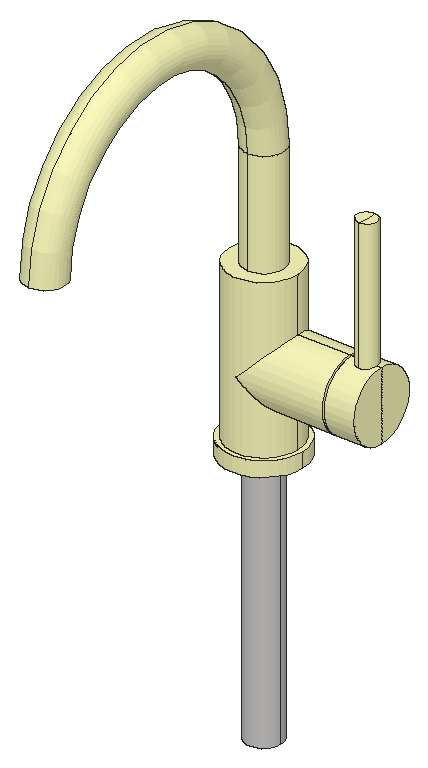
Revit family "Faucet-Symmons-Dia-Bar", category Plumbing Fixtures, Revit 2015
Parameters (values of type "1.5 GPM Flow Restrictor, Satin Nickel")
  z Type GPM = 1.5
  z Type Flow Restrictior = 3
  z Type = 2
  z Overall Height [instance] = 11.000"  # constant formula
  z Overall Depth [instance] = 8.438"  # constant formula
  z Offset [instance] = 0.000"  # constant formula
  z Middle Pipe Radius [instance] = 0.438"  # constant formula
  z GPM Number = if(z Type GPM = 1.5, 1.5, if(z Type GPM = 2.2, 2.2, 0))  # 1.5
  z GPM GPM = 1.000 GPM
  z Component Pipe Radius [instance] = 0.500"  # constant formula
  URL = "http://www.symmons.com/"
  Product data url = "https://bimobject.com/symmonsindustries/product/symmons-spb-3510"
  Product Page URL = "http://www.symmons.com/Kitchen-Products/Dia/Symmons-Dia-Single-Handle-Bar-Sink-Faucet-SPB-3510.aspx"
  Product Material = Nickel - Symmons - Satin
  Product Documentation Link = "http://www.symmons.com/~/media/Files/Symmons/Products/Dia/SPB3510BL118Diasub.pdf"
  Part Number [instance] = Model  # "SPB-3510-STN-1.5"
  Part Description [instance] = Description  # "Bar Sink Faucet, 1.5 Flow Rate Restrictor, Satin Nickel"
  Model Disclaimer = "Contact Symmons Industries, Inc. For More Information"  # constant formula
  Model = if(and(z Type = 1, z Type Flow Restrictior = 0), "SPB-3510", if(and(z Type = 1, z Type Flow Restrictior = 3), "SPB-3510-1.5", if(and(z Type = 2, z Type Flow Restrictior = 0), "SPB-3510-STN", if(and(z Type = 2, z Type Flow Restrictior = 3), "SPB-3510-STN-1.5", "Not Available"))))  # "SPB-3510-STN-1.5"
  Manufacturer = "Symmons Industries, Inc."  # constant formula
  Gallons Per Minute = z GPM GPM * z GPM Number  # 1.500 GPM
  Family Version = "1.0"  # constant formula
  Equipment Number [instance] = ""
  Equipment Abbreviation = "KF"
  Description = if(and(z Type = 1, z Type Flow Restrictior = 0), "Bar Sink Faucet, 2.2 Flow Rate Restrictor, Chrome", if(and(z Type = 1, z Type Flow Restrictior = 3), "Bar Sink Faucet, 1.5 Flow Rate Restrictor, Chrome", if(and(z Type = 2, z Type Flow Restrictior = 0), "Bar Sink Faucet, 2.2 Flow Rate Restrictor, Satin Nickel", if(and(z Type = 2, z Type Flow Restrictior = 3), "Bar Sink Faucet, 1.5 Flow Rate Restrictor, Satin Nickel", "Not Available"))))  # "Bar Sink Faucet, 1.5 Flow Rate Restrictor, Satin Nickel"
  Date Modified = "January 30, 2015"  # constant formula
  Date Created = "January 30, 2015"  # constant formula
  Copyright = "©2015 Symmons Industries, Inc."  # constant formula
Types (4): name | z Type GPM | z Type Flow Restrictior | z Type | z GPM Number | Product Material | Part Number | Part Description | Model | Gallons Per Minute | Description
  2.2 GPM Flow Restrictor, Chrome | 2.2 | 0 | 1 | 2.2 | Chrome - Symmons - Polished | "SPB-3510" | "Bar Sink Faucet, 2.2 Flow Rate Restrictor, Chrome" | "SPB-3510" | 2.200 GPM | "Bar Sink Faucet, 2.2 Flow Rate Restrictor, Chrome"
  2.2 GPM Flow Restrictor, Satin Nickel | 2.2 | 0 | 2 | 2.2 | Nickel - Symmons - Satin | "SPB-3510-STN" | "Bar Sink Faucet, 2.2 Flow Rate Restrictor, Satin Nickel" | "SPB-3510-STN" | 2.200 GPM | "Bar Sink Faucet, 2.2 Flow Rate Restrictor, Satin Nickel"
  1.5 GPM Flow Restrictor, Chrome | 1.5 | 3 | 1 | 1.5 | Chrome - Symmons - Polished | "SPB-3510-1.5" | "Bar Sink Faucet, 1.5 Flow Rate Restrictor, Chrome" | "SPB-3510-1.5" | 1.500 GPM | "Bar Sink Faucet, 1.5 Flow Rate Restrictor, Chrome"
  1.5 GPM Flow Restrictor, Satin Nickel | 1.5 | 3 | 2 | 1.5 | Nickel - Symmons - Satin | "SPB-3510-STN-1.5" | "Bar Sink Faucet, 1.5 Flow Rate Restrictor, Satin Nickel" | "SPB-3510-STN-1.5" | 1.500 GPM | "Bar Sink Faucet, 1.5 Flow Rate Restrictor, Satin Nickel"
Reference planes (in)
  plane 1 "Center (Front/Back)": y = 0
  plane 2 "Center (Elevation)": z = 0
  plane 3 "Center (Left/Right)": x = 0
  plane 4 "Back": y = 1
  plane 5 "Front": y = -7.438
  plane 6 "Top": z = 11
  plane 7: z = 0
  plane 8: x = -1.0625
  plane 9: x = 1.0625
  plane 10: y = -1.125
  plane 11: z = 0.375
  plane 12: x = 3
  plane 13: y = -1
  plane 14: y = 0
  plane 15: y = 0.25
  plane 16: y = -0.25
  plane 17: z = -6.5
  plane 18: x = 0.1875
  plane 19: x = -0.1875
  plane 20: z = -0.1997
  plane 21: z = 4.375
  plane 22: z = 2.125
  plane 23: x = 2.62783
  plane 24: y = -0.825
  plane 25: y = 0.825
Forms (in)
  Extrusion 1, solid, material "Nickel - Symmons - Satin" <- "Product Material"
    sketch origin (0, 0, 0) x (1, 0, 0) y (0, 1, 0)
      loop
        circle (0, 0) r 1
    from 0 to 0.375
  Extrusion 2, void
    sketch origin (0, 0, 0) x (1, 0, 0) y (0, 1, 0)
      loop
        circle (0, 0) r 0.4375
    from -6.5 to 0
  Extrusion 3, solid, material "Stainless Steel - Symmons - Brushed"
    sketch origin (0, 0, 0) x (1, 0, 0) y (0, 1, 0)
      loop
        circle (0, 0) r 0.4375
    from -6.5 to 0
  Sweep 4, solid, material "Nickel - Symmons - Satin" <- "Product Material"
    path origin (0, 0, 0) x (0, 1, 0) y (0, 0, 1)
      loop
        line (0, 0.375) -> (0, 7.04663)
        arc (0, 7.04663) -> (-3.48463, 10.53125) -> (-6.96925, 7.04663) r 3.48462
    profile origin (0, 0, 3.71081) x (0, -1, 0) y (1, 0, 0)
      loop
        circle (0, 0) r 0.5
  Extrusion 5, solid, material "Nickel - Symmons - Satin" <- "Product Material"
    sketch origin (0, 0, 0) x (1, 0, 0) y (0, 1, 0)
      loop
        circle (0, 0) r 0.875
    from 0.375 to 4.375
  Revolve 6, solid, material "Nickel - Symmons - Satin" <- "Product Material"
    sketch origin (52.34067, 0, 120) x (1, 0, 0) y (0, 0, 1)
      loop
        line (-52.34067, -117) -> (-52.34067, -117.875) -> (-49.34067, -117.875) -> (-49.34067, -117) -> (-50.09067, -117) -> (-50.09067, -117.05) -> (-50.14067, -117.05) -> (-50.14067, -117) -> (-52.34067, -117)
      axis (-52.34067, -117.875) -> (-49.34067, -117.875)
    angle from 0 to 360
  Revolve 7, solid, material "Nickel - Symmons - Satin" <- "Product Material"
    sketch origin (2.62783, 60, 120) x (0, 1, 0) y (0, 0, 1)
      loop
        line (-60, -117.875) -> (-60, -113.72532) -> (-60.25, -113.72532) -> (-60.25, -117.875) -> (-60, -117.875)
      axis (-60, -117.875) -> (-60, -113.72532)
    angle from 0 to 360
Cuts and joins
  joined: Sweep 4, Extrusion 5, Revolve 6, Revolve 7
Lines and regions (in)
  Masking region 1
    outline origin (0, 0, 0) x (1, 0, 0) y (0, 1, 0)
      loop
        circle (0, 0) r 1
  Masking region 2
    outline origin (0, -58.69644, 2.125) x (0, -1, 0) y (1, 0, 0)
      loop
        circle (-58.69644, 0) r 0.875
  Masking region 3
    outline origin (0, -58.69644, 2.125) x (0, -1, 0) y (1, 0, 0)
      loop
        arc (-59.57144, 0) -> (-58.69644, 0.875) -> (-57.82144, 0) r 0.875
        line (-57.82144, 0) -> (-57.82144, 3) -> (-59.57144, 3) -> (-59.57144, 0)
  Masking region 4, detail levels medium+fine
    outline origin (0, -58.69644, 4.375) x (0, -1, 0) y (1, 0, 0)
      loop
        circle (-58.69644, 2.62783) r 0.25
  Masking region 5
    outline origin (0, -58.69644, 11) x (0, -1, 0) y (1, 0, 0)
      loop
        arc (-51.72719, -0.5) -> (-51.22719, 0) -> (-51.72719, 0.5) r 0.5
        line (-51.72719, 0.5) -> (-58.69644, 0.5)
        arc (-58.69644, 0.5) -> (-59.19644, 0) -> (-58.69644, -0.5) r 0.5
        line (-58.69644, -0.5) -> (-51.72719, -0.5)
  symbolic lines, detail levels fine
    curve 1: line (2.225, -0.875, 0) -> (2.225, 0.875, 0)
Dimensions and locks (in)
  "z Overall Depth": plane 5 "Front" to plane 4 "Back"
  "z Overall Height": plane 6 "Top" to plane 7
  equal spacing: plane 8, plane 3 "Center (Left/Right)", plane 9
  locked: plane 8 to plane 9 at 2.125
  locked: plane 10 to plane 4 "Back" at 2.125
  locked: plane 11 to plane 7 at 0.375
  locked: plane 13 to plane 4 "Back" at 2
  locked: plane 16 to plane 15 at 0.5
  locked: plane 7 to plane 17 at 6.5
  "z Offset": plane 7 to plane 2 "Center (Elevation)"
  equal spacing: plane 19, plane 3 "Center (Left/Right)", plane 18
  locked: plane 19 to plane 18 at 0.375
  plane 11 to plane 7 = 0.375"
  locked: plane 7 to plane 20 at 0.1997
  locked: plane 21 to plane 11 at 4
  locked: plane 22 to plane 7 at 2.125
  plane 12 to Revolve 6 sketch curve to Revolve 6 sketch curve = 0.750" locked, 0.050" locked
  locked: Revolve 6 sketch curve to Revolve 6 sketch curve at 0.875
  locked: Revolve 6 sketch curve to plane 22 at 0.825
  locked: plane 22 to Revolve 7 sketch curve at 4.14968
  locked: plane 6 "Top" to Sweep 4 sketch curve at 3.95337
  locked: plane 1 "Center (Front/Back)" to plane 4 "Back" at 1
  locked: Revolve 7 sketch curve to Revolve 7 sketch curve at 0.25
  locked: plane 14 to plane 15 at 0.25
  locked: plane 15 to plane 4 "Back" at 0.75
  locked: Sweep 4 sketch curve to plane 4 "Back" at 4.48463
  plane 3 "Center (Left/Right)" to plane 23 to plane 12 = 2.62783" locked, 0.37217" locked
  Masking region 3 sketch curve to plane 14 to Masking region 3 sketch curve = 0.875" locked, 0.875" locked
  locked: plane 25 to plane 4 "Back" at 0.175
  locked: plane 13 to plane 24 at 0.175
  equal spacing: cut or joined group of Sweep 4, Extrusion 5, Revolve 6, Revolve 7, curve 1, cut or joined group of Sweep 4, Extrusion 5, Revolve 6, Revolve 7
  locked: plane 5 "Front" to Masking region 5 sketch curve at 0.46875
  Masking region 5 sketch curve to plane 3 "Center (Left/Right)" to Masking region 5 sketch curve = 0.500" locked, 0.500" locked
  radius of Masking region 1 sketch curve = 1.000"
  radius of Masking region 2 sketch curve = 0.875"
  radius of Masking region 4 sketch curve = 0.250"
  aligned and locked: plane 2 "Center (Elevation)" to level
  aligned and locked: Extrusion 1 to plane 7
  aligned and locked: plane 11 to Extrusion 1
  aligned and locked: plane 14 to Extrusion 2 sketch curve
  aligned and locked: plane 3 "Center (Left/Right)" to Extrusion 2 sketch curve
  aligned and locked: Extrusion 2 to plane 17
  aligned and locked: plane 7 to Extrusion 2
  aligned and locked: plane 14 to Extrusion 3 sketch curve
  aligned and locked: plane 3 "Center (Left/Right)" to Extrusion 3 sketch curve
  aligned and locked: plane 2 "Center (Elevation)" to Extrusion 3
  aligned and locked: plane 3 "Center (Left/Right)" to Extrusion 5 sketch curve
  aligned and locked: Extrusion 5 to plane 11
  aligned and locked: plane 21 to Extrusion 5
  aligned and locked: plane 14 to Extrusion 5 sketch curve
  aligned and locked: plane 14 to Extrusion 1 sketch curve
  aligned and locked: plane 3 "Center (Left/Right)" to Extrusion 1 sketch curve
  aligned and locked: Revolve 6 sketch curve to plane 12
  aligned and locked: plane 3 "Center (Left/Right)" to Revolve 6 sketch curve
  aligned and locked: plane 22 to Revolve 6 sketch curve
  aligned and locked: Revolve 6 sketch curve to plane 22
  aligned and locked: plane 22 to Revolve 7 sketch curve
  aligned and locked: plane 14 to Revolve 7 sketch curve
  aligned and locked: Revolve 7 sketch curve to plane 14
  aligned and locked: Sweep 4 sketch curve to plane 14
  aligned and locked: plane 14 to Masking region 1 sketch curve
  aligned and locked: plane 3 "Center (Left/Right)" to Masking region 1 sketch curve
  aligned and locked: plane 14 to Masking region 2 sketch curve
  aligned and locked: plane 3 "Center (Left/Right)" to Masking region 2 sketch curve
  aligned and locked: Masking region 3 sketch curve to plane 12
  aligned and locked: plane 14 to Masking region 3 sketch curve
  aligned and locked: plane 3 "Center (Left/Right)" to Masking region 3 sketch curve
  aligned and locked: plane 14 to Masking region 4 sketch curve
  aligned and locked: plane 23 to Masking region 4 sketch curve
  aligned and locked: plane 14 to Masking region 5 sketch curve
  aligned and locked: plane 3 "Center (Left/Right)" to Masking region 5 sketch curve
Automatic sketch dimensions
  Sweep 4 sketch curve to plane 3 "Center (Left/Right)" = 0.000"
  Sweep 4 sketch curve to profile plane = 0.000"
  Revolve 6 sketch curve to Revolve 6 sketch curve = 0.050"
  Sweep 4 sketch curve to plane 11 = 0.000"
  Revolve 7 sketch curve to plane 17 = 5.500"
  plane 6 "Top" to Revolve 7 sketch curve = 80.875"
  Revolve 6 sketch curve to plane 8 = 59.35618"
  plane 12 to Revolve 6 sketch curve = 62.34541"
  curve 1 to plane 25 = 0.050"
  plane 24 to curve 1 = 0.050"
  Masking region 3 sketch curve to plane 3 "Center (Left/Right)" = 0.000"  (x2)
  radius of Extrusion 2 sketch curve = 0.4375"
  radius of Extrusion 3 sketch curve = 0.4375"
  radius of Sweep 4 sketch curve = 0.500"
  radius of Extrusion 5 sketch curve = 0.875"
  radius of Extrusion 1 sketch curve = 1.000"
Connectors (in)
  piping at (0, 0, -6.5), diameter 1, driven by "z Component Pipe Radius"
    settings: on Extrusion 3, index 1, connector inside diameter 1", connector length 0.000", flow factor 0, pipe flow 0.000 GPM, pressure drop 0.00 psi, fitting loss kfactor 0, connector angle 0.000°, fixture units 0, engagement length 0.000", angle of deflection 0.000°, flow configuration 0, flow direction 0, fitting loss method 0, system type 19, joint type 0, gender type 0, connector reference index -1, connector utility 0, adjustable connector no, is connector primary yes, connector description "Hot"
  piping at (0, 0, -6.5), diameter 1, driven by "z Component Pipe Radius", driven by "Gallons Per Minute"
    settings: on Extrusion 3, index 2, connector inside diameter 1", connector length 0.000", flow factor 0, pipe flow 1.500 GPM, pressure drop 0.00 psi, fitting loss kfactor 0, connector angle 0.000°, fixture units 0, engagement length 0.000", angle of deflection 0.000°, flow configuration 0, flow direction 0, fitting loss method 0, system type 20, joint type 0, gender type 0, connector reference index -1, connector utility 0, adjustable connector no, is connector primary no, connector description "Cold"
